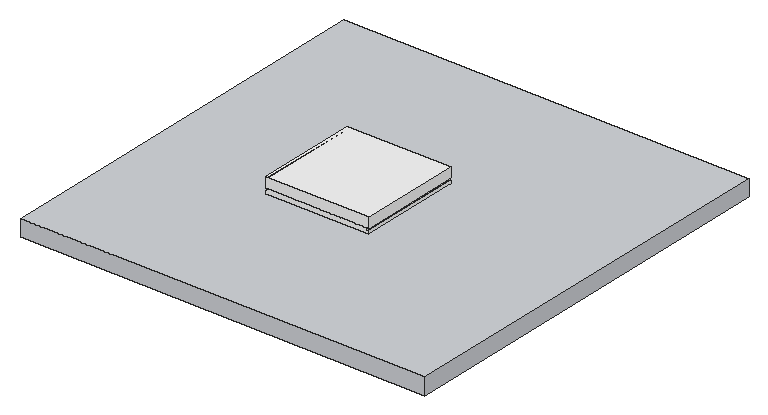
Revit family "Zumtobel PERLUCE Q", category Lighting Fixtures, host Face, Revit 2016
Family settings
  Host = Face
  Part Type = Normal
  Round Connector Dimension = Use Diameter
  OmniClass Number = 23.80.70.11
  OmniClass Title = Luminaries for Internal Lighting
  Cut with Voids When Loaded = No
  Light Source = Yes
  Shared = No
  Room Calculation Point = No
Parameters (values of type "PERLUCE O LED5200-840 Q620 LDE IP50 WH")
  Width = 620 mm
  Wattage = 35.4445 W
  built-in parameter 1150110 = 1 (stored number, unit not read)
  Voltage = 230 V
  URL = "http://www.zumtobel.com/42182932"
  Type Comments = "© Zumtobel. We reserve the right to make technical changes without prior notice."  # constant formula
  built-in parameter 1114217 = 1 (stored number, unit not read)
  Tilt Angle = -90.00°
  built-in parameter 1150109 = 1 (stored number, unit not read)
  built-in parameter 1150134 = 12
  Host Offset [instance] = 0 mm
  Body = Zumtobel_Metal_White
  built-in parameter 1150113 = 1 (stored number, unit not read)
  Photometric Web File = "42182932_(STD_LEO).IES"
  Model = "42182932"
  Manufacturer = "Zumtobel Lighting"  # constant formula
  built-in parameter 1150105 = 418.98 (stored number, unit not read)
  Lumens = 5265 lm
  built-in parameter 1150115 = 1 (stored number, unit not read)
  built-in parameter 1150137 = (empty or 0)
  built-in parameter 1150139 = (empty or 0)
  Length = 620 mm
  built-in parameter 1150112 = 1 (stored number, unit not read)
  built-in parameter 1150114 = 1 (stored number, unit not read)
  Lamp = "LED"
  built-in parameter 1150132 = 2
  built-in parameter 1150102 = (empty or 0)
  built-in parameter 1150107 = 4000 (stored number, unit not read)
  built-in parameter 1150138 = (empty or 0)
  built-in parameter 1150106 = 4.1898 (stored number, unit not read)
  Height = 90 mm  # constant formula
  Emit from Rectangle Width = Width  # 620 mm
  Emit from Rectangle Length = Length  # 620 mm
  Emit Shape Visible in Rendering = no
  built-in parameter 1150104 = 13.8 (stored number, unit not read)
  Dimming Lamp Color Temperature Shift = <None>
  Description = "Square opal diffuser LED luminaires"
  Default Elevation = 0 mm
  Cover = Zumtobel_PMMA_White_Self_Illumination
  Color Filter = 16777215
  built-in parameter 1114218 = 1 (stored number, unit not read)
  built-in parameter 1150133 = 10 (stored number, unit not read)
  Assembly Code = "D5020200"
  Apparent Load = 48 VA
Types (5, lengths in mm): name | Width | Wattage | URL | built-in parameter 1150134 | Photometric Web File | Model | built-in parameter 1150105 | Lumens | Length | Lamp | built-in parameter 1150107 | built-in parameter 1150106 | Emit from Rectangle Width | Emit from Rectangle Length | Description | Assembly Code | Apparent Load
  PERLUCE O 2/18W TC-L Q310 Electronic | 310 | 8.07853 W | "http://www.zumtobel.com/42921374" | 3 | "42921375_(STD).IES" | "42921374" | 163.32 (stored number, unit not read) | 1200 lm | 310 | "TC-L" | 3200 (stored number, unit not read) | 1.6332 (stored number, unit not read) | 310 | 310 | "Square opal diffuser luminaires" | "D5020210" | 33.3 VA
  PERLUCE O 2/18W TC-L Q310 Dimmable | 310 | 8.07853 W | "http://www.zumtobel.com/42921375" | 3 | "42921375_(STD).IES" | "42921375" | 95.493 (stored number, unit not read) | 1200 lm | 310 | "TC-L" | 3200 (stored number, unit not read) | 0.95493 (stored number, unit not read) | 310 | 310 | "Square opal diffuser luminaires" | "D5020210" | 42 VA
  PERLUCE O 19W LED Q310 Dimmable | 310 | 11.6465 W | "http://www.zumtobel.com/42181551" | 3 | "42181551_(STD).IES" | "42181551" | 235.45 (stored number, unit not read) | 1730 lm | 310 | "LED" | 3200 (stored number, unit not read) | 2.3545 (stored number, unit not read) | 310 | 310 | "Square opal diffuser LED luminaires" | "D5020200" | 19 VA
  PERLUCE O 19W LED Q310 Electronic | 310 | 11.6465 W | "http://www.zumtobel.com/42181552" | 3 | "42181551_(STD).IES" | "42181552" | 235.45 (stored number, unit not read) | 1730 lm | 310 | "LED" | 3200 (stored number, unit not read) | 2.3545 (stored number, unit not read) | 310 | 310 | "Square opal diffuser LED luminaires" | "D5020200" | 19 VA
  PERLUCE O LED5200-840 Q620 LDE IP50 WH | 620 | 35.4445 W | "http://www.zumtobel.com/42182932" | 12 | "42182932_(STD_LEO).IES" | "42182932" | 418.98 (stored number, unit not read) | 5265 lm | 620 | "LED" | 4000 (stored number, unit not read) | 4.1898 (stored number, unit not read) | 620 | 620 | "Square opal diffuser LED luminaires" | "D5020200" | 48 VA
Reference planes
  plane 1 "Center (Front/Back)": y = 0
  plane 2 "Top": z = 0
  plane 3 "Center (Left/Right)": x = -155.5
  plane 4 "Back": y = 310
  plane 5 "Front": y = -310
  plane 6: x = 154.5
  plane 7: x = -465.5
  plane 8: z = 90
  plane 9: z = 16
  plane 10: z = 28
  plane 11 "Cover Interior": z = 87.5
  plane 12: z = 38
  plane 13: x = 119.5
  plane 14: z = 85
  plane 15 "Back Cover": z = 0
Forms (mm)
  Extrusion 1, solid
    sketch origin (0, 0, 0) x (1, 0, 0) y (0, 1, 0)
      loop
        line (-1219.2, 1219.2) -> (-1219.2, -1219.2) -> (1219.2, -1219.2) -> (1219.2, 1219.2) -> (-1219.2, 1219.2)
    from 0 to -100
  Extrusion 2, solid, material "Zumtobel_Metal_White" <- "Body", detail levels medium+fine
    sketch origin (0, 0, 250) x (1, 0, 0) y (0, 0, 1)
      loop
        line (-465.5, -234) -> (-465.5, -250) -> (154.5, -250) -> (154.5, -234) -> (144.5, -234) -> (144.5, -222) -> (-455.5, -222) -> (-455.5, -234) -> (-465.5, -234)
    from -310 to 310
  Extrusion 3, solid, material "Zumtobel_PMMA_White_Self_Illumination" <- "Cover", detail levels medium+fine
    sketch origin (0, 0, 0) x (1, 0, 0) y (0, 0, 1)
      loop
        line (-465.5, 28) -> (-455.5, 28) -> (-455.5, 87.5) -> (144.5, 87.5) -> (144.5, 28) -> (154.5, 28) -> (154.5, 90) -> (-465.5, 90) -> (-465.5, 28)
    from -310 to 310
  Extrusion 4, solid, material "Zumtobel_PMMA_White_Self_Illumination" <- "Cover", detail levels medium+fine
    sketch origin (0, -310, 0) x (1, 0, 0) y (0, 0, 1)
      loop
        line (-465.5, 90) -> (-465.5, 28) -> (154.5, 28) -> (154.5, 90) -> (-465.5, 90)
    from 0 to -10
  Extrusion 5, solid, material "Zumtobel_PMMA_White_Self_Illumination" <- "Cover", detail levels medium+fine
    sketch origin (0, 310, 0) x (1, 0, 0) y (0, 0, 1)
      loop
        line (-465.5, 90) -> (-465.5, 28) -> (154.5, 28) -> (154.5, 90) -> (-465.5, 90)
    from 0 to 10
  Extrusion 6, solid, material "Zumtobel_Metal_White" <- "Body", detail levels medium+fine
    sketch origin (0, 310, 0) x (1, 0, 0) y (0, 0, 1)
      loop
        line (-465.5, 0) -> (154.5, 0) -> (154.5, 16) -> (-465.5, 16) -> (-465.5, 0)
    from 0 to 10
  Extrusion 7, solid, material "Zumtobel_Metal_White" <- "Body", detail levels medium+fine
    sketch origin (0, -310, 0) x (1, 0, 0) y (0, 0, 1)
      loop
        line (-465.5, 0) -> (154.5, 0) -> (154.5, 16) -> (-465.5, 16) -> (-465.5, 0)
    from 0 to -10
Cuts and joins
  joined: Extrusion 3, Extrusion 4, Extrusion 5
  joined: Extrusion 2, Extrusion 6, Extrusion 7
Lines and regions (mm)
  symbolic lines, style "Zumtobel Lighting", detail levels coarse
    curve 1: line (-215.5, 310, 0) -> (-95.5, 310, 0)
    curve 2: line (-215.5, -310, 0) -> (-95.5, -310, 0)
    curve 3: line (-155.5, 310, 0) -> (-155.5, -310, 0)
Dimensions and locks
  "Width": plane 7 to plane 6
  equal spacing: plane 7, plane 3 "Center (Left/Right)", plane 6
  plane 12 to plane 10 to plane 9 to plane 15 "Back Cover" = 10 mm locked, 12 mm locked, 16 mm locked
  plane 8 to plane 11 "Cover Interior" to plane 14 = 2.5 mm locked, 2.5 mm locked
  plane 13 to plane 6 = 35 mm
  locked: plane 8 to plane 15 "Back Cover" at 90
  "Host Offset": plane 15 "Back Cover" to plane 2 "Top"
  plane 3 "Center (Left/Right)" to connector elem = 0 mm
  locked: connector elem to plane 1 "Center (Front/Back)" at 0
  equal spacing: plane 5 "Front", plane 1 "Center (Front/Back)", plane 4 "Back"
  "Width": plane 5 "Front" to plane 4 "Back"
  aligned and locked: plane 2 "Top" to Extrusion 1
  aligned and locked: level to Extrusion 1
  aligned and locked: Extrusion 2 sketch curve to plane 9  (x2)
  aligned and locked: plane 7 to Extrusion 2 sketch curve
  aligned and locked: plane 6 to Extrusion 2 sketch curve
  aligned: Extrusion 2 to plane 4 "Back"
  aligned: plane 5 "Front" to Extrusion 2
  aligned and locked: Extrusion 2 sketch curve to plane 10
  aligned and locked: plane 7 to Extrusion 3 sketch curve
  aligned and locked: Extrusion 3 sketch curve to plane 6
  aligned and locked: Extrusion 3 sketch curve to plane 10  (x2)
  aligned and locked: Extrusion 3 sketch curve to plane 11 "Cover Interior"
  aligned and locked: plane 5 "Front" to Extrusion 3
  aligned and locked: plane 7 to Extrusion 4 sketch curve
  aligned and locked: plane 10 to Extrusion 4 sketch curve
  aligned and locked: plane 6 to Extrusion 4 sketch curve
  aligned and locked: Extrusion 5 sketch curve to plane 6
  aligned and locked: plane 8 to Extrusion 5 sketch curve
  aligned and locked: Extrusion 5 sketch curve to plane 7
  aligned and locked: Extrusion 5 sketch curve to plane 10
  aligned and locked: imposter light to plane 1 "Center (Front/Back)"
  aligned and locked: plane 5 "Front" to curve 2
  aligned and locked: plane 4 "Back" to curve 1
  aligned and locked: plane 4 "Back" to curve 3
  aligned and locked: plane 5 "Front" to curve 3
  aligned and locked: curve 3 to plane 3 "Center (Left/Right)"
  aligned and locked: imposter light to plane 8
  aligned and locked: Extrusion 7 sketch curve to plane 15 "Back Cover"
  aligned and locked: Extrusion 2 sketch curve to plane 15 "Back Cover"
  aligned and locked: Extrusion 6 sketch curve to plane 15 "Back Cover"
  aligned and locked: cut or joined group of Extrusion 2, Extrusion 6, Extrusion 7 to plane 4 "Back"
  aligned and locked: plane 5 "Front" to cut or joined group of Extrusion 2, Extrusion 6, Extrusion 7
  aligned and locked: cut or joined group of Extrusion 3, Extrusion 4, Extrusion 5 to plane 4 "Back"
  aligned and locked: imposter light to plane 3 "Center (Left/Right)"
Automatic sketch dimensions
  curve 1 to plane 3 "Center (Left/Right)" = 60 mm
  curve 2 to plane 3 "Center (Left/Right)" = 60 mm
  curve 3 to curve 2 = 60 mm
  curve 3 to curve 1 = 60 mm
  Extrusion 1 sketch curve to Extrusion 1 sketch curve = 2438.4 mm  (x2)
  plane 7 to Extrusion 2 sketch curve = 10 mm
  plane 6 to Extrusion 2 sketch curve = 10 mm
  Extrusion 3 sketch curve to plane 8 = 0 mm
  plane 7 to Extrusion 3 sketch curve = 10 mm
  plane 6 to Extrusion 3 sketch curve = 10 mm
  Extrusion 4 sketch curve to plane 8 = 0 mm
  Extrusion 6 sketch curve to plane 7 = 0 mm
  plane 6 to Extrusion 6 sketch curve = 0 mm
  Extrusion 6 sketch curve to plane 9 = 0 mm
  Extrusion 7 sketch curve to plane 7 = 0 mm
  plane 6 to Extrusion 7 sketch curve = 0 mm
  Extrusion 7 sketch curve to plane 9 = 0 mm
Connectors
  electrical at (-155.5, 0, 0), driven by "Apparent Load", driven by "Voltage"
    settings: index 1, voltage 230 V, apparent load 0 VA, apparent load phase1 48 VA, apparent load phase2 0 VA, apparent load phase3 0 VA, power factor 1, load classification "Lighting", number of poles 1, system type 31, power factor state 1, is connector primary yes, connector utility no, sub classification motor no, connector description ""
